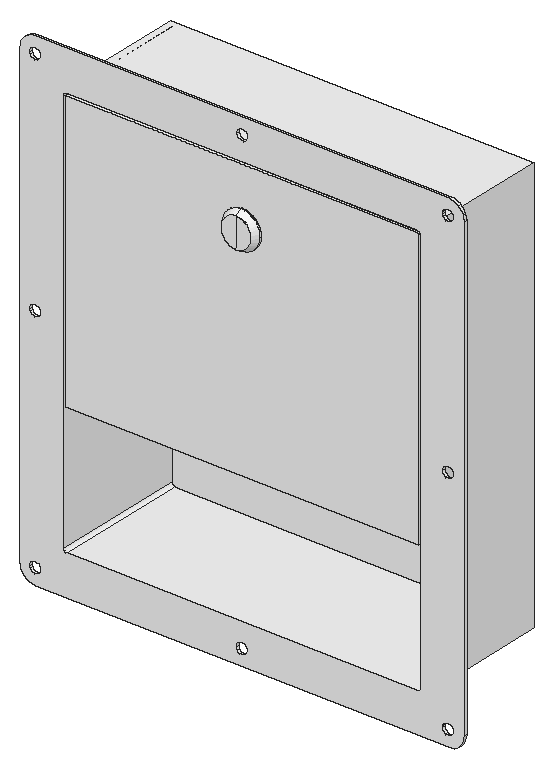
Revit family "KingswayGroup_PprTwlDspnsrs_Anti-LigaturePaperTowelDispenserRecessed", category Specialty Equipment, Revit 2020
Family settings
  Round Connector Dimension = Use Diameter
  Part Type = Normal
  Work Plane-Based = No
  Always vertical = Yes
  Cut with Voids When Loaded = No
  Shared = No
  Room Calculation Point = No
Parameters
  WarrantyStartDate [instance] = "1900-12-31T23:59:59"
  WarrantyGuarantorParts = "sales@kingswaygroup.co.uk"
  WarrantyGuarantorLabor = "n/a"
  WarrantyDurationUnit = "year"
  WarrantyDurationParts = "5"
  WarrantyDurationLabor = "n/a"
  WarrantyDescription = "5-Year Guarantee *For faulty manufacture and not for damage"
  Version = "1"
  Uniclass2015Version = "Products v1.36"
  Uniclass2015Title = "Paper towel dispensers"
  Uniclass2015Code = "Pr_40_70_22_62"
  URL = "https://kingswaygroupglobal.com/"
  TagNumber [instance] = "n/a"
  SustainabilityPerformance = "n/a"
  Size = "355.6 x 393.7 x 116 mm"
  Shape = "n/a"
  SerialNumber [instance] = "n/a"
  Revision = "n/a"
  ReplacementCost = "n/a"
  ProductInformation = "https://kingswaygroupglobal.com/product/anti-ligature-paper-towel-dispenser-recessed?noredirect=true"
  NominalWidth = 116 mm  # constant formula
  NominalLength = 355.6 mm  # constant formula
  NominalHeight = 393.7 mm  # constant formula
  Name = "PaperTowelDispensers_Anti-LigaturePaperTowelDispenserRecessed_KG11_KingswayGroup"
  ModelReference = "Anti-Ligature Paper Towel Dispenser (Recessed)"
  ModelNumber = "KG11"
  Model = ModelNumber  # "KG11"
  DispenserMaterial = NBS_Concept
  Material = "Stainless Steel"
  ManufacturerURL = "https://kingswaygroupglobal.com/"
  ManufacturerName = "Kingsway Group"  # constant formula
  Manufacturer = ManufacturerName  # "Kingsway Group"
  InstallationDate [instance] = "1900-12-31T23:59:59"
  IfcExportType = "n/a"  # constant formula
  IfcExportAs = "n/a"  # constant formula
  Grade = "316"
  Finish = "For full range of available finishes and colours, contact Kingsway Group"
  Features = "A secure-locking paper towel dispenser manufactured from stainless steel for a durable and anti-ligature means of dispensing paper towels. Recessed and well styled, the KG11 Anti-Ligature Paper Towel Dispenser provides a modern and robust solution for challenging environments, helping to reduce risk and improve patient safety."
  ExpectedLife = "n/a"
  DurationUnit = "year"
  Description = "Recessed Paper Towel Dispensers"
  Default Elevation = 0 mm
  Constituents = "n/a"
  Color = "For full range of available finishes and colours, contact Kingsway Group"
  CodePerformance = "n/a"
  Category = "Pr_40_70_22_62:Paper towel dispensers"
  BarCode [instance] = "n/a"
  BIMObjectName = "KingswayGroup_PaperTowelDispensers_Anti-LigaturePaperTowelDispenserRecessed"
  Author = "Kingsway Group"  # constant formula
  AssetType = "Fixed"
  AssetIdentifier [instance] = "n/a"
  AccessibilityPerformance = "n/a"
Reference planes
  plane 1 "Center (Front/Back)": y = 0
  plane 2: z = 0
  plane 3 "Center (Left/Right)": x = 0
Forms (mm)
  Extrusion 1, solid, material "NBS_Concept" <- "DispenserMaterial"
    sketch origin (0, 0, 0) x (1, 0, 0) y (0, 0, 1)
      loop
        arc (-177.8, 12.691) -> (-174.083, 3.717) -> (-165.109, 0) r 12.691
        line (-165.109, 0) -> (165.109, 0)
        arc (165.109, 0) -> (174.083, 3.717) -> (177.8, 12.691) r 12.691
        line (177.8, 12.691) -> (177.8, 381.006)
        arc (177.8, 381.006) -> (174.082, 389.982) -> (165.106, 393.7) r 12.694
        line (165.106, 393.7) -> (-165.106, 393.7)
        arc (-165.106, 393.7) -> (-174.082, 389.982) -> (-177.8, 381.006) r 12.694
        line (-177.8, 381.006) -> (-177.8, 12.691)
      loop
        circle (-165.3, 196.85) r 4.5
      loop
        circle (164.912, 196.85) r 4.5
      loop
        circle (-165.3, 381) r 4.5
      loop
        circle (164.909, 381) r 4.5
      loop
        circle (0.194, 381) r 4.5
      loop
        circle (-165.3, 12.7) r 4.5
      loop
        circle (164.909, 12.7) r 4.5
      loop
        circle (-0.191, 12.7) r 4.5
    from 0 to 1.9
  Revolve 2, solid, material "NBS_Concept" <- "DispenserMaterial"
    sketch origin (0, 105.535, 264.219) x (0, 1, 0) y (0, 0, 1)
      loop
        line (-107.435, 64.103) -> (-108.329, 64.103) -> (-113.435, 61.035) -> (-113.435, 49.103) -> (-107.435, 49.103) -> (-107.435, 64.103)
      axis (-107.435, 49.103) -> (-113.435, 49.103)
    angle from 0 to 360
  Extrusion 3, solid, material "NBS_Concept" <- "DispenserMaterial"
    sketch origin (0, 108.1, 0) x (1, 0, 0) y (0, 0, 1)
      loop
        line (-145, 363.75) -> (-145, 29.95) -> (145, 29.95) -> (145, 363.75) -> (-145, 363.75)
    from 0 to 108.1
  Extrusion 4, void
    sketch origin (0, 0, 0) x (1, 0, 0) y (0, 0, 1)
      loop
        arc (-140.1, 361.85) -> (-142.221, 360.971) -> (-143.1, 358.85) r 3
        line (-143.1, 358.85) -> (-143.1, 34.85)
        arc (-143.1, 34.85) -> (-142.221, 32.729) -> (-140.1, 31.85) r 3
        line (-140.1, 31.85) -> (140.1, 31.85)
        arc (140.1, 31.85) -> (142.221, 32.729) -> (143.1, 34.85) r 3
        line (143.1, 34.85) -> (143.1, 358.85)
        arc (143.1, 358.85) -> (142.221, 360.971) -> (140.1, 361.85) r 3
        line (140.1, 361.85) -> (-140.1, 361.85)
    from -106.2 to 1.901
  Extrusion 5, solid, material "NBS_Concept" <- "DispenserMaterial"
    sketch origin (0, 0, 0) x (1, 0, 0) y (0, 0, 1)
      loop
        arc (-140.1, 359.95) -> (-140.877, 359.628) -> (-141.2, 358.85) r 1.1
        line (-141.2, 358.85) -> (-141.2, 136.35) -> (141.2, 136.35) -> (141.2, 358.85)
        arc (141.2, 358.85) -> (140.877, 359.628) -> (140.1, 359.95) r 1.1
        line (140.1, 359.95) -> (-140.1, 359.95)
    from 0 to 1.9
  Extrusion 6, solid, material "NBS_Concept" <- "DispenserMaterial"
    sketch origin (-141.2, 0, 0) x (0, 1, 0) y (0, 0, 1)
      loop
        line (0, 166.607) -> (0, 136.35) -> (35.6, 136.351)
        arc (35.6, 136.351) -> (37.891, 138.039) -> (36.96, 140.728) r 2.4
        line (36.96, 140.728) -> (0, 166.607)
      loop
        line (104.2, 171.759) -> (63.762, 143.445)
        arc (63.762, 143.445) -> (62.28, 139.077) -> (65.999, 136.35) r 3.9
        line (65.999, 136.35) -> (104.2, 136.35) -> (104.2, 171.759)
    from 0 to 1.5
  Extrusion 7, solid, material "NBS_Concept" <- "DispenserMaterial"
    sketch origin (139.7, 0, 0) x (0, 1, 0) y (0, 0, 1)
      loop
        line (0, 166.607) -> (0, 136.35) -> (35.6, 136.351)
        arc (35.6, 136.351) -> (37.891, 138.039) -> (36.96, 140.728) r 2.4
        line (36.96, 140.728) -> (0, 166.607)
      loop
        line (104.2, 171.759) -> (63.762, 143.445)
        arc (63.762, 143.445) -> (62.28, 139.077) -> (65.999, 136.35) r 3.9
        line (65.999, 136.35) -> (104.2, 136.35) -> (104.2, 171.759)
    from 0 to 1.5
  Extrusion 8, solid, material "NBS_Concept" <- "DispenserMaterial"
    sketch origin (-141.2, 0, 0) x (0, 1, 0) y (0, 0, 1)
      loop
        line (0, 136.35) -> (35.6, 136.35)
        arc (35.6, 136.35) -> (36.35, 137.1) -> (35.6, 137.85) r 0.75
        line (35.6, 137.85) -> (0, 137.85) -> (0, 136.35)
      loop
        line (104.2, 137.85) -> (65.742, 137.85)
        arc (65.742, 137.85) -> (64.992, 137.1) -> (65.742, 136.35) r 0.75
        line (65.742, 136.35) -> (104.2, 136.35) -> (104.2, 137.85)
    from 0 to 282.399
Cuts and joins
  Extrusion 4 cuts Extrusion 1
  Extrusion 4 cuts Extrusion 3
  joined: Extrusion 1, Extrusion 3
  Extrusion 4 cuts Revolve 2
Lines and regions (mm)
  model lines, not visible
    curve 1: arc (16.215, -108.048, 265.753) -> (17.404, -108.048, 265.533) -> (18.352, -108.048, 266.283) r 1.463
    curve 2: arc (18.352, -108.048, 267.697) -> (17.346, -108.048, 268.4) -> (16.15, -108.048, 268.123) r 1.51
    curve 3: arc (16.15, -108.048, 268.123) -> (15.626, -108.048, 266.923) -> (16.215, -108.048, 265.753) r 1.54
    curve 4: arc (15.178, -108.048, 266.958) -> (15.376, -108.048, 266.079) -> (15.958, -108.048, 265.391) r 1.894
    curve 5: arc (17.05, -108.048, 265.046) -> (17.782, -108.048, 265.2) -> (18.368, -108.048, 265.664) r 1.629
    curve 6: arc (6.967, -108.048, 268.87) -> (6.12, -108.048, 268.597) -> (5.722, -108.048, 267.802) r 1.15
    curve 7: arc (7.023, -108.048, 265.046) -> (7.896, -108.048, 265.321) -> (8.293, -108.048, 266.146) r 1.152
    curve 8: arc (6.991, -108.048, 265.48) -> (7.544, -108.048, 265.629) -> (7.835, -108.048, 266.122) r 0.759
    curve 9: arc (10.197, -108.048, 260.701) -> (9.002, -108.048, 260.977) -> (7.995, -108.048, 260.275) r 1.511
    curve 10: arc (7.995, -108.048, 258.861) -> (8.944, -108.048, 258.112) -> (10.133, -108.048, 258.331) r 1.464
    curve 11: arc (10.133, -108.048, 258.331) -> (10.722, -108.048, 259.501) -> (10.197, -108.048, 260.701) r 1.54
    curve 12: arc (11.169, -108.048, 259.536) -> (10.994, -108.048, 260.363) -> (10.486, -108.048, 261.039) r 1.96
    curve 13: arc (10.39, -108.048, 257.969) -> (10.974, -108.048, 258.656) -> (11.169, -108.048, 259.536) r 1.873
    curve 14: arc (7.995, -108.048, 258.226) -> (8.575, -108.048, 257.772) -> (9.297, -108.048, 257.624) r 1.607
    curve 15: arc (3.36, -108.048, 259.488) -> (3.387, -108.048, 258.997) -> (3.568, -108.048, 258.54) r 1.527
    curve 16: arc (3.568, -108.048, 258.54) -> (3.969, -108.048, 258.182) -> (4.493, -108.048, 258.058) r 1.095
    curve 17: arc (4.493, -108.048, 258.058) -> (5.207, -108.048, 258.273) -> (5.714, -108.048, 258.821) r 1.419
    curve 18: arc (4.493, -108.048, 257.624) -> (5.176, -108.048, 257.774) -> (5.73, -108.048, 258.202) r 1.594
    curve 19: arc (3.119, -108.048, 258.379) -> (3.702, -108.048, 257.812) -> (4.493, -108.048, 257.624) r 1.533
    curve 20: arc (0.049, -108.048, 258.058) -> (1.499, -108.048, 259.536) -> (0.049, -108.048, 261.014) r 1.479
    curve 21: arc (0.049, -108.048, 261.014) -> (-1.4, -108.048, 259.536) -> (0.049, -108.048, 258.058) r 1.479
    curve 22: arc (0.049, -108.048, 261.449) -> (-1.855, -108.048, 259.536) -> (0.049, -108.048, 257.624) r 1.912
    curve 23: arc (0.049, -108.048, 257.624) -> (1.954, -108.048, 259.536) -> (0.049, -108.048, 261.449) r 1.912
    curve 24: arc (-2.594, -108.048, 261.449) -> (-3.241, -108.048, 261.309) -> (-3.751, -108.048, 260.886) r 1.392
    curve 25: arc (-2.602, -108.048, 261.014) -> (-3.299, -108.048, 260.782) -> (-3.751, -108.048, 260.203) r 1.269
    curve 26: arc (-4.948, -108.048, 270.469) -> (-5.352, -108.048, 270.064) -> (-4.948, -108.048, 269.658) r 0.406
    curve 27: arc (-4.948, -108.048, 269.658) -> (-4.539, -108.048, 270.064) -> (-4.948, -108.048, 270.469) r 0.406
    curve 28: arc (-1.622, -108.048, 268.437) -> (-2.36, -108.048, 268.227) -> (-2.892, -108.048, 267.673) r 1.465
    curve 29: arc (-0.666, -108.048, 267.946) -> (-1.082, -108.048, 268.311) -> (-1.622, -108.048, 268.437) r 1.142
    curve 30: arc (-0.457, -108.048, 267.046) -> (-0.485, -108.048, 267.514) -> (-0.666, -108.048, 267.946) r 1.41
    curve 31: arc (0.001, -108.048, 267.078) -> (-0.055, -108.048, 267.692) -> (-0.312, -108.048, 268.252) r 1.835
    curve 32: arc (-0.312, -108.048, 268.252) -> (-0.888, -108.048, 268.719) -> (-1.614, -108.048, 268.87) r 1.574
    curve 33: arc (0.965, -108.048, 266.958) -> (1.163, -108.048, 266.079) -> (1.745, -108.048, 265.391) r 1.894
    curve 34: arc (2.838, -108.048, 265.046) -> (3.558, -108.048, 265.196) -> (4.139, -108.048, 265.648) r 1.629
    curve 35: arc (2.813, -108.048, 263.551) -> (3.495, -108.048, 263.693) -> (3.995, -108.048, 264.178) r 1.246
    curve 36: arc (1.503, -108.048, 264.258) -> (2.064, -108.048, 263.73) -> (2.813, -108.048, 263.551) r 1.499
    curve 37: arc (1.142, -108.048, 263.993) -> (1.861, -108.048, 263.341) -> (2.805, -108.048, 263.117) r 1.95
    curve 38: arc (2.805, -108.048, 263.117) -> (3.723, -108.048, 263.308) -> (4.396, -108.048, 263.961) r 1.681
    curve 39: arc (-9.994, -108.048, 260.516) -> (-9.32, -108.048, 258.79) -> (-7.608, -108.048, 258.082) r 2.361
    curve 40: arc (-7.656, -108.048, 262.951) -> (-9.341, -108.048, 262.229) -> (-9.994, -108.048, 260.516) r 2.35
    curve 41: arc (-7.656, -108.048, 263.409) -> (-9.678, -108.048, 262.56) -> (-10.476, -108.048, 260.516) r 2.813
    curve 42: arc (-10.476, -108.048, 260.516) -> (-9.652, -108.048, 258.448) -> (-7.584, -108.048, 257.624) r 2.817
    curve 43: arc (-7.584, -108.048, 257.624) -> (-6.381, -108.048, 257.901) -> (-5.414, -108.048, 258.668) r 2.799
    curve 44: arc (2.002, -108.048, 265.753) -> (3.191, -108.048, 265.533) -> (4.139, -108.048, 266.283) r 1.464
    curve 45: arc (4.139, -108.048, 267.697) -> (3.133, -108.048, 268.402) -> (1.938, -108.048, 268.123) r 1.505
    curve 46: arc (1.938, -108.048, 268.123) -> (1.413, -108.048, 266.923) -> (2.002, -108.048, 265.753) r 1.54
    curve 47: line (-21.343, -108.048, 258.387) -> (-25.268, -108.048, 258.387)
    curve 48: line (-25.268, -108.048, 258.387) -> (-25.268, -108.048, 257.781)
    curve 49: line (-25.268, -108.048, 257.781) -> (-21.343, -108.048, 257.781)
    curve 50: line (-21.343, -108.048, 257.781) -> (-21.343, -108.048, 258.387)
    curve 51: line (-18.274, -108.048, 257.76) -> (-20.415, -108.048, 260.48)
    curve 52: line (-20.415, -108.048, 260.48) -> (-25.268, -108.048, 260.48)
    curve 53: line (-25.268, -108.048, 260.48) -> (-25.268, -108.048, 259.875)
    curve 54: line (-25.268, -108.048, 259.875) -> (-20.709, -108.048, 259.875)
    curve 55: line (-20.709, -108.048, 259.875) -> (-19.045, -108.048, 257.76)
    curve 56: line (-19.045, -108.048, 257.76) -> (-18.274, -108.048, 257.76)
    curve 57: line (-21.343, -108.048, 270.94) -> (-25.268, -108.048, 270.94)
    curve 58: line (-25.268, -108.048, 270.94) -> (-25.268, -108.048, 270.334)
    curve 59: line (-25.268, -108.048, 270.334) -> (-21.343, -108.048, 270.334)
    curve 60: line (-21.343, -108.048, 270.334) -> (-21.343, -108.048, 270.94)
    curve 61: line (-25.268, -108.048, 266.752) -> (-25.268, -108.048, 266.147)
    curve 62: line (-25.268, -108.048, 266.147) -> (-19.332, -108.048, 266.147)
    curve 63: line (-19.332, -108.048, 266.147) -> (-15.543, -108.048, 270.96)
    curve 64: line (-15.543, -108.048, 270.96) -> (-16.314, -108.048, 270.96)
    curve 65: line (-16.314, -108.048, 270.96) -> (-19.626, -108.048, 266.752)
    curve 66: line (-19.626, -108.048, 266.752) -> (-25.268, -108.048, 266.752)
    curve 67: line (-25.268, -108.048, 262.574) -> (-25.268, -108.048, 261.968)
    curve 68: line (-25.268, -108.048, 261.968) -> (-19.626, -108.048, 261.968)
    curve 69: line (-19.626, -108.048, 261.968) -> (-16.314, -108.048, 257.76)
    curve 70: line (-16.314, -108.048, 257.76) -> (-15.543, -108.048, 257.76)
    curve 71: line (-15.543, -108.048, 257.76) -> (-19.332, -108.048, 262.574)
    curve 72: line (-19.332, -108.048, 262.574) -> (-25.268, -108.048, 262.574)
    curve 73: line (-25.268, -108.048, 268.846) -> (-25.268, -108.048, 268.24)
    curve 74: line (-25.268, -108.048, 268.24) -> (-20.415, -108.048, 268.24)
    curve 75: line (-20.415, -108.048, 268.24) -> (-18.274, -108.048, 270.96)
    curve 76: line (-18.274, -108.048, 270.96) -> (-19.045, -108.048, 270.96)
    curve 77: line (-19.045, -108.048, 270.96) -> (-20.709, -108.048, 268.846)
    curve 78: line (-20.709, -108.048, 268.846) -> (-25.268, -108.048, 268.846)
    curve 79: line (18.352, -108.048, 266.283) -> (18.352, -108.048, 267.697)
    curve 80: line (18.368, -108.048, 265.664) -> (18.368, -108.048, 265.126)
    curve 81: line (18.368, -108.048, 265.126) -> (18.81, -108.048, 265.126)
    curve 82: line (18.81, -108.048, 265.126) -> (18.81, -108.048, 268.79)
    curve 83: line (18.81, -108.048, 268.79) -> (18.368, -108.048, 268.79)
    curve 84: line (18.368, -108.048, 268.79) -> (18.368, -108.048, 268.284)
    curve 85: line (18.368, -108.048, 268.284) -> (17.69, -108.048, 268.75)
    curve 86: line (17.69, -108.048, 268.75) -> (17.026, -108.048, 268.87)
    curve 87: line (17.026, -108.048, 268.87) -> (16.322, -108.048, 268.732)
    curve 88: line (16.322, -108.048, 268.732) -> (15.861, -108.048, 268.46)
    curve 89: line (15.861, -108.048, 268.46) -> (15.323, -108.048, 267.712)
    curve 90: line (15.323, -108.048, 267.712) -> (15.178, -108.048, 266.958)
    curve 91: line (15.958, -108.048, 265.391) -> (16.576, -108.048, 265.104)
    curve 92: line (16.576, -108.048, 265.104) -> (17.05, -108.048, 265.046)
    curve 93: line (10.566, -108.048, 265.126) -> (11.756, -108.048, 268.043)
    curve 94: line (11.756, -108.048, 268.043) -> (12.945, -108.048, 265.126)
    curve 95: line (12.945, -108.048, 265.126) -> (13.242, -108.048, 265.126)
    curve 96: line (13.242, -108.048, 265.126) -> (14.656, -108.048, 268.79)
    curve 97: line (14.656, -108.048, 268.79) -> (14.182, -108.048, 268.79)
    curve 98: line (14.182, -108.048, 268.79) -> (13.074, -108.048, 265.913)
    curve 99: line (13.074, -108.048, 265.913) -> (11.9, -108.048, 268.79)
    curve 100: line (11.9, -108.048, 268.79) -> (11.611, -108.048, 268.79)
    curve 101: line (11.611, -108.048, 268.79) -> (10.438, -108.048, 265.913)
    curve 102: line (10.438, -108.048, 265.913) -> (9.329, -108.048, 268.79)
    curve 103: line (9.329, -108.048, 268.79) -> (8.855, -108.048, 268.79)
    curve 104: line (8.855, -108.048, 268.79) -> (10.269, -108.048, 265.126)
    curve 105: line (10.269, -108.048, 265.126) -> (10.566, -108.048, 265.126)
    curve 106: line (5.722, -108.048, 267.802) -> (5.763, -108.048, 267.523)
    curve 107: line (5.763, -108.048, 267.523) -> (5.878, -108.048, 267.307)
    curve 108: line (5.878, -108.048, 267.307) -> (6.052, -108.048, 267.143)
    curve 109: line (6.052, -108.048, 267.143) -> (6.778, -108.048, 266.845)
    curve 110: line (6.778, -108.048, 266.845) -> (7.505, -108.048, 266.605)
    curve 111: line (7.505, -108.048, 266.605) -> (7.744, -108.048, 266.413)
    curve 112: line (7.811, -108.048, 266.282) -> (7.835, -108.048, 266.122)
    curve 113: line (8.293, -108.048, 266.146) -> (8.251, -108.048, 266.434)
    curve 114: line (8.251, -108.048, 266.434) -> (8.136, -108.048, 266.66)
    curve 115: line (8.136, -108.048, 266.66) -> (7.963, -108.048, 266.834)
    curve 116: line (7.963, -108.048, 266.834) -> (7.236, -108.048, 267.156)
    curve 117: line (7.236, -108.048, 267.156) -> (6.51, -108.048, 267.388)
    curve 118: line (6.51, -108.048, 267.388) -> (6.27, -108.048, 267.558)
    curve 119: line (6.179, -108.048, 267.81) -> (6.221, -108.048, 268.025)
    curve 120: line (6.221, -108.048, 268.025) -> (6.333, -108.048, 268.194)
    curve 121: line (6.333, -108.048, 268.194) -> (6.498, -108.048, 268.318)
    curve 122: line (6.498, -108.048, 268.318) -> (6.991, -108.048, 268.437)
    curve 123: line (6.991, -108.048, 268.437) -> (7.524, -108.048, 268.344)
    curve 124: line (7.524, -108.048, 268.344) -> (7.907, -108.048, 268.139)
    curve 125: line (7.907, -108.048, 268.139) -> (8.148, -108.048, 268.517)
    curve 126: line (8.148, -108.048, 268.517) -> (7.569, -108.048, 268.785)
    curve 127: line (7.569, -108.048, 268.785) -> (6.967, -108.048, 268.87)
    curve 128: line (6.991, -108.048, 265.48) -> (6.334, -108.048, 265.63)
    curve 129: line (6.334, -108.048, 265.63) -> (5.882, -108.048, 265.921)
    curve 130: line (5.882, -108.048, 265.921) -> (5.601, -108.048, 265.568)
    curve 131: line (5.601, -108.048, 265.568) -> (6.291, -108.048, 265.163)
    curve 132: line (6.291, -108.048, 265.163) -> (7.023, -108.048, 265.046)
    curve 133: line (-6.659, -108.048, 265.126) -> (-6.017, -108.048, 265.126)
    curve 134: line (-6.017, -108.048, 265.126) -> (-9.038, -108.048, 268.091)
    curve 135: line (-9.038, -108.048, 268.091) -> (-6.258, -108.048, 270.751)
    curve 136: line (-6.258, -108.048, 270.751) -> (-6.9, -108.048, 270.751)
    curve 137: line (-6.9, -108.048, 270.751) -> (-9.552, -108.048, 268.228)
    curve 138: line (-9.552, -108.048, 268.228) -> (-9.552, -108.048, 270.751)
    curve 139: line (-9.552, -108.048, 270.751) -> (-10.034, -108.048, 270.751)
    curve 140: line (-10.034, -108.048, 270.751) -> (-10.034, -108.048, 265.126)
    curve 141: line (-10.034, -108.048, 265.126) -> (-9.552, -108.048, 265.126)
    curve 142: line (-9.552, -108.048, 265.126) -> (-9.552, -108.048, 267.97)
    curve 143: line (-9.552, -108.048, 267.97) -> (-6.659, -108.048, 265.126)
    curve 144: line (7.995, -108.048, 260.275) -> (7.995, -108.048, 258.861)
    curve 145: line (9.297, -108.048, 257.624) -> (9.904, -108.048, 257.721)
    curve 146: line (9.904, -108.048, 257.721) -> (10.39, -108.048, 257.969)
    curve 147: line (10.486, -108.048, 261.039) -> (9.883, -108.048, 261.361)
    curve 148: line (9.883, -108.048, 261.361) -> (9.321, -108.048, 261.449)
    curve 149: line (9.321, -108.048, 261.449) -> (8.494, -108.048, 261.256)
    curve 150: line (8.494, -108.048, 261.256) -> (7.979, -108.048, 260.862)
    curve 151: line (7.979, -108.048, 260.862) -> (7.979, -108.048, 261.368)
    curve 152: line (7.979, -108.048, 261.368) -> (7.538, -108.048, 261.368)
    curve 153: line (7.538, -108.048, 261.368) -> (7.538, -108.048, 255.776)
    curve 154: line (7.538, -108.048, 255.776) -> (7.995, -108.048, 255.776)
    curve 155: line (7.995, -108.048, 255.776) -> (7.995, -108.048, 258.226)
    curve 156: line (-12.812, -108.048, 270.96) -> (-13.582, -108.048, 270.96)
    curve 157: line (-13.582, -108.048, 270.96) -> (-18.543, -108.048, 264.658)
    curve 158: line (-18.543, -108.048, 264.658) -> (-25.268, -108.048, 264.658)
    curve 159: line (-25.268, -108.048, 264.658) -> (-25.268, -108.048, 264.053)
    curve 160: line (-25.268, -108.048, 264.053) -> (-18.543, -108.048, 264.053)
    curve 161: line (-18.543, -108.048, 264.053) -> (-13.59, -108.048, 257.76)
    curve 162: line (-13.59, -108.048, 257.76) -> (-12.819, -108.048, 257.76)
    curve 163: line (-12.819, -108.048, 257.76) -> (-18.011, -108.048, 264.356)
    curve 164: line (-18.011, -108.048, 264.356) -> (-12.812, -108.048, 270.96)
    curve 165: line (3.36, -108.048, 259.488) -> (3.36, -108.048, 261.368)
    curve 166: line (3.36, -108.048, 261.368) -> (2.902, -108.048, 261.368)
    curve 167: line (2.902, -108.048, 261.368) -> (2.902, -108.048, 259.416)
    curve 168: line (2.902, -108.048, 259.416) -> (2.973, -108.048, 258.748)
    curve 169: line (2.973, -108.048, 258.748) -> (3.119, -108.048, 258.379)
    curve 170: line (5.73, -108.048, 258.202) -> (5.73, -108.048, 257.704)
    curve 171: line (5.73, -108.048, 257.704) -> (6.172, -108.048, 257.704)
    curve 172: line (6.172, -108.048, 257.704) -> (6.172, -108.048, 261.368)
    curve 173: line (6.172, -108.048, 261.368) -> (5.714, -108.048, 261.368)
    curve 174: line (5.714, -108.048, 261.368) -> (5.714, -108.048, 258.821)
    curve 175: line (-3.751, -108.048, 260.886) -> (-3.751, -108.048, 261.368)
    curve 176: line (-3.751, -108.048, 261.368) -> (-4.209, -108.048, 261.368)
    curve 177: line (-4.209, -108.048, 261.368) -> (-4.209, -108.048, 257.704)
    curve 178: line (-4.209, -108.048, 257.704) -> (-3.751, -108.048, 257.704)
    curve 179: line (-3.751, -108.048, 257.704) -> (-3.751, -108.048, 260.203)
    curve 180: line (-2.385, -108.048, 261.007) -> (-2.602, -108.048, 261.014)
    curve 181: line (-2.602, -108.048, 261.014) -> (-2.385, -108.048, 261.007)
    curve 182: line (-2.385, -108.048, 261.007) -> (-2.321, -108.048, 261.433)
    curve 183: line (20.264, -108.048, 263.198) -> (20.746, -108.048, 263.198)
    curve 184: line (20.746, -108.048, 263.198) -> (23.285, -108.048, 268.79)
    curve 185: line (23.285, -108.048, 268.79) -> (22.795, -108.048, 268.79)
    curve 186: line (22.795, -108.048, 268.79) -> (21.502, -108.048, 265.946)
    curve 187: line (21.502, -108.048, 265.946) -> (20.127, -108.048, 268.79)
    curve 188: line (20.127, -108.048, 268.79) -> (19.613, -108.048, 268.79)
    curve 189: line (19.613, -108.048, 268.79) -> (21.269, -108.048, 265.423)
    curve 190: line (21.269, -108.048, 265.423) -> (20.264, -108.048, 263.198)
    curve 191: line (-0.457, -108.048, 267.046) -> (-0.457, -108.048, 265.126)
    curve 192: line (-0.457, -108.048, 265.126) -> (0.001, -108.048, 265.126)
    curve 193: line (0.001, -108.048, 265.126) -> (0.001, -108.048, 267.078)
    curve 194: line (-1.614, -108.048, 268.87) -> (-2.421, -108.048, 268.683)
    curve 195: line (-2.421, -108.048, 268.683) -> (-2.908, -108.048, 268.276)
    curve 196: line (-2.908, -108.048, 268.276) -> (-2.908, -108.048, 268.79)
    curve 197: line (-2.908, -108.048, 268.79) -> (-3.35, -108.048, 268.79)
    curve 198: line (-3.35, -108.048, 268.79) -> (-3.35, -108.048, 265.126)
    curve 199: line (-3.35, -108.048, 265.126) -> (-2.892, -108.048, 265.126)
    curve 200: line (-2.892, -108.048, 265.126) -> (-2.892, -108.048, 267.673)
    curve 201: line (1.745, -108.048, 265.391) -> (2.364, -108.048, 265.104)
    curve 202: line (2.364, -108.048, 265.104) -> (2.838, -108.048, 265.046)
    curve 203: line (4.139, -108.048, 265.648) -> (4.139, -108.048, 265.126)
    curve 204: line (4.139, -108.048, 265.126) -> (4.1, -108.048, 264.511)
    curve 205: line (4.1, -108.048, 264.511) -> (3.995, -108.048, 264.178)
    curve 206: line (1.503, -108.048, 264.258) -> (1.142, -108.048, 263.993)
    curve 207: line (4.396, -108.048, 263.961) -> (4.564, -108.048, 264.528)
    curve 208: line (4.564, -108.048, 264.528) -> (4.597, -108.048, 265.142)
    curve 209: line (4.597, -108.048, 265.142) -> (4.597, -108.048, 268.79)
    curve 210: line (4.597, -108.048, 268.79) -> (4.155, -108.048, 268.79)
    curve 211: line (4.155, -108.048, 268.79) -> (4.155, -108.048, 268.284)
    curve 212: line (4.155, -108.048, 268.284) -> (3.476, -108.048, 268.75)
    curve 213: line (3.476, -108.048, 268.75) -> (2.813, -108.048, 268.87)
    curve 214: line (2.813, -108.048, 268.87) -> (2.109, -108.048, 268.732)
    curve 215: line (2.109, -108.048, 268.732) -> (1.648, -108.048, 268.46)
    curve 216: line (1.648, -108.048, 268.46) -> (1.11, -108.048, 267.712)
    curve 217: line (1.11, -108.048, 267.712) -> (0.965, -108.048, 266.958)
    curve 218: line (-5.414, -108.048, 258.668) -> (-5.414, -108.048, 261.039)
    curve 219: line (-5.414, -108.048, 261.039) -> (-7.744, -108.048, 261.039)
    curve 220: line (-7.744, -108.048, 261.039) -> (-7.744, -108.048, 260.581)
    curve 221: line (-7.744, -108.048, 260.581) -> (-5.896, -108.048, 260.581)
    curve 222: line (-5.896, -108.048, 260.581) -> (-5.896, -108.048, 258.789)
    curve 223: line (-5.896, -108.048, 258.789) -> (-6.756, -108.048, 258.233)
    curve 224: line (-6.756, -108.048, 258.233) -> (-7.608, -108.048, 258.082)
    curve 225: line (-7.656, -108.048, 262.951) -> (-6.582, -108.048, 262.7)
    curve 226: line (-6.582, -108.048, 262.7) -> (-5.944, -108.048, 262.22)
    curve 227: line (-5.944, -108.048, 262.22) -> (-5.615, -108.048, 262.549)
    curve 228: line (-5.615, -108.048, 262.549) -> (-6.645, -108.048, 263.231)
    curve 229: line (-6.645, -108.048, 263.231) -> (-7.656, -108.048, 263.409)
    curve 230: line (-4.715, -108.048, 265.126) -> (-4.715, -108.048, 268.79)
    curve 231: line (-4.715, -108.048, 268.79) -> (-5.173, -108.048, 268.79)
    curve 232: line (-5.173, -108.048, 268.79) -> (-5.173, -108.048, 265.126)
    curve 233: line (-5.173, -108.048, 265.126) -> (-4.715, -108.048, 265.126)
    curve 234: line (4.139, -108.048, 266.283) -> (4.139, -108.048, 267.697)
  model lines
    curve 235: arc (17.207, -1.9, 287.623) -> (18.396, -1.9, 287.403) -> (19.344, -1.9, 288.153) r 1.463
    curve 236: arc (19.344, -1.9, 289.567) -> (18.338, -1.9, 290.27) -> (17.142, -1.9, 289.993) r 1.51
    curve 237: arc (17.142, -1.9, 289.993) -> (16.618, -1.9, 288.793) -> (17.207, -1.9, 287.623) r 1.54
    curve 238: arc (16.17, -1.9, 288.828) -> (16.368, -1.9, 287.949) -> (16.95, -1.9, 287.261) r 1.894
    curve 239: arc (18.043, -1.9, 286.916) -> (18.774, -1.9, 287.07) -> (19.36, -1.9, 287.534) r 1.629
    curve 240: arc (7.959, -1.9, 290.74) -> (7.112, -1.9, 290.467) -> (6.714, -1.9, 289.672) r 1.15
    curve 241: arc (8.015, -1.9, 286.916) -> (8.888, -1.9, 287.191) -> (9.285, -1.9, 288.016) r 1.152
    curve 242: arc (7.983, -1.9, 287.35) -> (8.536, -1.9, 287.499) -> (8.827, -1.9, 287.992) r 0.759
    curve 243: arc (11.189, -1.9, 282.571) -> (9.994, -1.9, 282.847) -> (8.988, -1.9, 282.145) r 1.511
    curve 244: arc (8.988, -1.9, 280.731) -> (9.936, -1.9, 279.982) -> (11.125, -1.9, 280.201) r 1.464
    curve 245: arc (11.125, -1.9, 280.201) -> (11.714, -1.9, 281.371) -> (11.189, -1.9, 282.571) r 1.54
    curve 246: arc (12.161, -1.9, 281.406) -> (11.986, -1.9, 282.233) -> (11.478, -1.9, 282.909) r 1.96
    curve 247: arc (11.382, -1.9, 279.839) -> (11.966, -1.9, 280.526) -> (12.161, -1.9, 281.406) r 1.873
    curve 248: arc (8.988, -1.9, 280.096) -> (9.567, -1.9, 279.642) -> (10.289, -1.9, 279.494) r 1.607
    curve 249: arc (4.352, -1.9, 281.358) -> (4.379, -1.9, 280.867) -> (4.561, -1.9, 280.41) r 1.527
    curve 250: arc (4.561, -1.9, 280.41) -> (4.962, -1.9, 280.052) -> (5.485, -1.9, 279.928) r 1.095
    curve 251: arc (5.485, -1.9, 279.928) -> (6.199, -1.9, 280.143) -> (6.706, -1.9, 280.691) r 1.419
    curve 252: arc (5.485, -1.9, 279.494) -> (6.169, -1.9, 279.644) -> (6.722, -1.9, 280.072) r 1.594
    curve 253: arc (4.111, -1.9, 280.249) -> (4.694, -1.9, 279.682) -> (5.485, -1.9, 279.494) r 1.533
    curve 254: arc (1.041, -1.9, 279.928) -> (2.491, -1.9, 281.406) -> (1.041, -1.9, 282.885) r 1.479
    curve 255: arc (1.041, -1.9, 282.885) -> (-0.408, -1.9, 281.406) -> (1.041, -1.9, 279.928) r 1.479
    curve 256: arc (1.041, -1.9, 283.319) -> (-0.863, -1.9, 281.406) -> (1.041, -1.9, 279.494) r 1.912
    curve 257: arc (1.041, -1.9, 279.494) -> (2.946, -1.9, 281.406) -> (1.041, -1.9, 283.319) r 1.912
    curve 258: arc (-1.602, -1.9, 283.319) -> (-2.249, -1.9, 283.179) -> (-2.759, -1.9, 282.756) r 1.392
    curve 259: arc (-1.61, -1.9, 282.885) -> (-2.307, -1.9, 282.653) -> (-2.759, -1.9, 282.073) r 1.269
    curve 260: arc (-3.956, -1.9, 292.339) -> (-4.36, -1.9, 291.934) -> (-3.956, -1.9, 291.528) r 0.406
    curve 261: arc (-3.956, -1.9, 291.528) -> (-3.547, -1.9, 291.934) -> (-3.956, -1.9, 292.339) r 0.406
    curve 262: arc (-0.63, -1.9, 290.307) -> (-1.368, -1.9, 290.097) -> (-1.899, -1.9, 289.543) r 1.465
    curve 263: arc (0.327, -1.9, 289.816) -> (-0.09, -1.9, 290.181) -> (-0.63, -1.9, 290.307) r 1.142
    curve 264: arc (0.535, -1.9, 288.916) -> (0.507, -1.9, 289.384) -> (0.327, -1.9, 289.816) r 1.41
    curve 265: arc (0.993, -1.9, 288.948) -> (0.937, -1.9, 289.562) -> (0.68, -1.9, 290.122) r 1.835
    curve 266: arc (0.68, -1.9, 290.122) -> (0.104, -1.9, 290.589) -> (-0.622, -1.9, 290.74) r 1.574
    curve 267: arc (1.957, -1.9, 288.828) -> (2.155, -1.9, 287.949) -> (2.737, -1.9, 287.261) r 1.894
    curve 268: arc (3.83, -1.9, 286.916) -> (4.55, -1.9, 287.066) -> (5.131, -1.9, 287.518) r 1.629
    curve 269: arc (3.805, -1.9, 285.421) -> (4.487, -1.9, 285.563) -> (4.987, -1.9, 286.048) r 1.246
    curve 270: arc (2.496, -1.9, 286.128) -> (3.056, -1.9, 285.6) -> (3.805, -1.9, 285.421) r 1.499
    curve 271: arc (2.134, -1.9, 285.863) -> (2.853, -1.9, 285.212) -> (3.797, -1.9, 284.987) r 1.95
    curve 272: arc (3.797, -1.9, 284.987) -> (4.715, -1.9, 285.178) -> (5.388, -1.9, 285.831) r 1.681
    curve 273: arc (-9.002, -1.9, 282.386) -> (-8.328, -1.9, 280.66) -> (-6.616, -1.9, 279.952) r 2.361
    curve 274: arc (-6.664, -1.9, 284.821) -> (-8.349, -1.9, 284.099) -> (-9.002, -1.9, 282.386) r 2.35
    curve 275: arc (-6.664, -1.9, 285.279) -> (-8.686, -1.9, 284.43) -> (-9.484, -1.9, 282.386) r 2.813
    curve 276: arc (-9.484, -1.9, 282.386) -> (-8.66, -1.9, 280.318) -> (-6.591, -1.9, 279.494) r 2.817
    curve 277: arc (-6.591, -1.9, 279.494) -> (-5.389, -1.9, 279.771) -> (-4.422, -1.9, 280.539) r 2.799
    curve 278: arc (2.994, -1.9, 287.623) -> (4.183, -1.9, 287.403) -> (5.131, -1.9, 288.153) r 1.464
    curve 279: arc (5.131, -1.9, 289.567) -> (4.125, -1.9, 290.272) -> (2.93, -1.9, 289.993) r 1.505
    curve 280: arc (2.93, -1.9, 289.993) -> (2.405, -1.9, 288.793) -> (2.994, -1.9, 287.623) r 1.54
    curve 281: line (-20.351, -1.9, 280.257) -> (-24.276, -1.9, 280.257)
    curve 282: line (-24.276, -1.9, 280.257) -> (-24.276, -1.9, 279.651)
    curve 283: line (-24.276, -1.9, 279.651) -> (-20.351, -1.9, 279.651)
    curve 284: line (-20.351, -1.9, 279.651) -> (-20.351, -1.9, 280.257)
    curve 285: line (-17.282, -1.9, 279.63) -> (-19.423, -1.9, 282.35)
    curve 286: line (-19.423, -1.9, 282.35) -> (-24.276, -1.9, 282.35)
    curve 287: line (-24.276, -1.9, 282.35) -> (-24.276, -1.9, 281.745)
    curve 288: line (-24.276, -1.9, 281.745) -> (-19.717, -1.9, 281.745)
    curve 289: line (-19.717, -1.9, 281.745) -> (-18.053, -1.9, 279.63)
    curve 290: line (-18.053, -1.9, 279.63) -> (-17.282, -1.9, 279.63)
    curve 291: line (-20.351, -1.9, 292.81) -> (-24.276, -1.9, 292.81)
    curve 292: line (-24.276, -1.9, 292.81) -> (-24.276, -1.9, 292.204)
    curve 293: line (-24.276, -1.9, 292.204) -> (-20.351, -1.9, 292.204)
    curve 294: line (-20.351, -1.9, 292.204) -> (-20.351, -1.9, 292.81)
    curve 295: line (-24.276, -1.9, 288.622) -> (-24.276, -1.9, 288.017)
    curve 296: line (-24.276, -1.9, 288.017) -> (-18.34, -1.9, 288.017)
    curve 297: line (-18.34, -1.9, 288.017) -> (-14.551, -1.9, 292.83)
    curve 298: line (-14.551, -1.9, 292.83) -> (-15.321, -1.9, 292.83)
    curve 299: line (-15.321, -1.9, 292.83) -> (-18.634, -1.9, 288.622)
    curve 300: line (-18.634, -1.9, 288.622) -> (-24.276, -1.9, 288.622)
    curve 301: line (-24.276, -1.9, 284.444) -> (-24.276, -1.9, 283.839)
    curve 302: line (-24.276, -1.9, 283.839) -> (-18.634, -1.9, 283.839)
    curve 303: line (-18.634, -1.9, 283.839) -> (-15.321, -1.9, 279.63)
    curve 304: line (-15.321, -1.9, 279.63) -> (-14.551, -1.9, 279.63)
    curve 305: line (-14.551, -1.9, 279.63) -> (-18.34, -1.9, 284.444)
    curve 306: line (-18.34, -1.9, 284.444) -> (-24.276, -1.9, 284.444)
    curve 307: line (-24.276, -1.9, 290.716) -> (-24.276, -1.9, 290.11)
    curve 308: line (-24.276, -1.9, 290.11) -> (-19.423, -1.9, 290.11)
    curve 309: line (-19.423, -1.9, 290.11) -> (-17.282, -1.9, 292.83)
    curve 310: line (-17.282, -1.9, 292.83) -> (-18.053, -1.9, 292.83)
    curve 311: line (-18.053, -1.9, 292.83) -> (-19.717, -1.9, 290.716)
    curve 312: line (-19.717, -1.9, 290.716) -> (-24.276, -1.9, 290.716)
    curve 313: line (19.344, -1.9, 288.153) -> (19.344, -1.9, 289.567)
    curve 314: line (19.36, -1.9, 287.534) -> (19.36, -1.9, 286.996)
    curve 315: line (19.36, -1.9, 286.996) -> (19.802, -1.9, 286.996)
    curve 316: line (19.802, -1.9, 286.996) -> (19.802, -1.9, 290.66)
    curve 317: line (19.802, -1.9, 290.66) -> (19.36, -1.9, 290.66)
    curve 318: line (19.36, -1.9, 290.66) -> (19.36, -1.9, 290.154)
    curve 319: line (19.36, -1.9, 290.154) -> (18.682, -1.9, 290.62)
    curve 320: line (18.682, -1.9, 290.62) -> (18.018, -1.9, 290.74)
    curve 321: line (18.018, -1.9, 290.74) -> (17.314, -1.9, 290.602)
    curve 322: line (17.314, -1.9, 290.602) -> (16.853, -1.9, 290.331)
    curve 323: line (16.853, -1.9, 290.331) -> (16.315, -1.9, 289.582)
    curve 324: line (16.315, -1.9, 289.582) -> (16.17, -1.9, 288.828)
    curve 325: line (16.95, -1.9, 287.261) -> (17.568, -1.9, 286.974)
    curve 326: line (17.568, -1.9, 286.974) -> (18.043, -1.9, 286.916)
    curve 327: line (11.558, -1.9, 286.996) -> (12.748, -1.9, 289.913)
    curve 328: line (12.748, -1.9, 289.913) -> (13.937, -1.9, 286.996)
    curve 329: line (13.937, -1.9, 286.996) -> (14.234, -1.9, 286.996)
    curve 330: line (14.234, -1.9, 286.996) -> (15.648, -1.9, 290.66)
    curve 331: line (15.648, -1.9, 290.66) -> (15.174, -1.9, 290.66)
    curve 332: line (15.174, -1.9, 290.66) -> (14.066, -1.9, 287.783)
    curve 333: line (14.066, -1.9, 287.783) -> (12.892, -1.9, 290.66)
    curve 334: line (12.892, -1.9, 290.66) -> (12.603, -1.9, 290.66)
    curve 335: line (12.603, -1.9, 290.66) -> (11.43, -1.9, 287.783)
    curve 336: line (11.43, -1.9, 287.783) -> (10.321, -1.9, 290.66)
    curve 337: line (10.321, -1.9, 290.66) -> (9.847, -1.9, 290.66)
    curve 338: line (9.847, -1.9, 290.66) -> (11.261, -1.9, 286.996)
    curve 339: line (11.261, -1.9, 286.996) -> (11.558, -1.9, 286.996)
    curve 340: line (6.714, -1.9, 289.672) -> (6.755, -1.9, 289.393)
    curve 341: line (6.755, -1.9, 289.393) -> (6.87, -1.9, 289.177)
    curve 342: line (6.87, -1.9, 289.177) -> (7.044, -1.9, 289.013)
    curve 343: line (7.044, -1.9, 289.013) -> (7.77, -1.9, 288.715)
    curve 344: line (7.77, -1.9, 288.715) -> (8.497, -1.9, 288.475)
    curve 345: line (8.497, -1.9, 288.475) -> (8.736, -1.9, 288.283)
    curve 346: line (8.803, -1.9, 288.152) -> (8.827, -1.9, 287.992)
    curve 347: line (9.285, -1.9, 288.016) -> (9.243, -1.9, 288.304)
    curve 348: line (9.243, -1.9, 288.304) -> (9.128, -1.9, 288.53)
    curve 349: line (9.128, -1.9, 288.53) -> (8.955, -1.9, 288.705)
    curve 350: line (8.955, -1.9, 288.705) -> (8.228, -1.9, 289.026)
    curve 351: line (8.228, -1.9, 289.026) -> (7.502, -1.9, 289.258)
    curve 352: line (7.502, -1.9, 289.258) -> (7.262, -1.9, 289.428)
    curve 353: line (7.171, -1.9, 289.68) -> (7.213, -1.9, 289.895)
    curve 354: line (7.213, -1.9, 289.895) -> (7.325, -1.9, 290.064)
    curve 355: line (7.325, -1.9, 290.064) -> (7.49, -1.9, 290.188)
    curve 356: line (7.49, -1.9, 290.188) -> (7.983, -1.9, 290.307)
    curve 357: line (7.983, -1.9, 290.307) -> (8.516, -1.9, 290.214)
    curve 358: line (8.516, -1.9, 290.214) -> (8.899, -1.9, 290.009)
    curve 359: line (8.899, -1.9, 290.009) -> (9.14, -1.9, 290.387)
    curve 360: line (9.14, -1.9, 290.387) -> (8.561, -1.9, 290.655)
    curve 361: line (8.561, -1.9, 290.655) -> (7.959, -1.9, 290.74)
    curve 362: line (7.983, -1.9, 287.35) -> (7.326, -1.9, 287.5)
    curve 363: line (7.326, -1.9, 287.5) -> (6.874, -1.9, 287.791)
    curve 364: line (6.874, -1.9, 287.791) -> (6.593, -1.9, 287.438)
    curve 365: line (6.593, -1.9, 287.438) -> (7.283, -1.9, 287.033)
    curve 366: line (7.283, -1.9, 287.033) -> (8.015, -1.9, 286.916)
    curve 367: line (-5.667, -1.9, 286.996) -> (-5.025, -1.9, 286.996)
    curve 368: line (-5.025, -1.9, 286.996) -> (-8.046, -1.9, 289.961)
    curve 369: line (-8.046, -1.9, 289.961) -> (-5.266, -1.9, 292.621)
    curve 370: line (-5.266, -1.9, 292.621) -> (-5.908, -1.9, 292.621)
    curve 371: line (-5.908, -1.9, 292.621) -> (-8.56, -1.9, 290.098)
    curve 372: line (-8.56, -1.9, 290.098) -> (-8.56, -1.9, 292.621)
    curve 373: line (-8.56, -1.9, 292.621) -> (-9.042, -1.9, 292.621)
    curve 374: line (-9.042, -1.9, 292.621) -> (-9.042, -1.9, 286.996)
    curve 375: line (-9.042, -1.9, 286.996) -> (-8.56, -1.9, 286.996)
    curve 376: line (-8.56, -1.9, 286.996) -> (-8.56, -1.9, 289.84)
    curve 377: line (-8.56, -1.9, 289.84) -> (-5.667, -1.9, 286.996)
    curve 378: line (8.988, -1.9, 282.145) -> (8.988, -1.9, 280.731)
    curve 379: line (10.289, -1.9, 279.494) -> (10.896, -1.9, 279.591)
    curve 380: line (10.896, -1.9, 279.591) -> (11.382, -1.9, 279.839)
    curve 381: line (11.478, -1.9, 282.909) -> (10.875, -1.9, 283.231)
    curve 382: line (10.875, -1.9, 283.231) -> (10.313, -1.9, 283.319)
    curve 383: line (10.313, -1.9, 283.319) -> (9.486, -1.9, 283.126)
    curve 384: line (9.486, -1.9, 283.126) -> (8.972, -1.9, 282.732)
    curve 385: line (8.972, -1.9, 282.732) -> (8.972, -1.9, 283.238)
    curve 386: line (8.972, -1.9, 283.238) -> (8.53, -1.9, 283.238)
    curve 387: line (8.53, -1.9, 283.238) -> (8.53, -1.9, 277.646)
    curve 388: line (8.53, -1.9, 277.646) -> (8.988, -1.9, 277.646)
    curve 389: line (8.988, -1.9, 277.646) -> (8.988, -1.9, 280.096)
    curve 390: line (-11.82, -1.9, 292.83) -> (-12.59, -1.9, 292.83)
    curve 391: line (-12.59, -1.9, 292.83) -> (-17.551, -1.9, 286.528)
    curve 392: line (-17.551, -1.9, 286.528) -> (-24.276, -1.9, 286.528)
    curve 393: line (-24.276, -1.9, 286.528) -> (-24.276, -1.9, 285.923)
    curve 394: line (-24.276, -1.9, 285.923) -> (-17.551, -1.9, 285.923)
    curve 395: line (-17.551, -1.9, 285.923) -> (-12.598, -1.9, 279.63)
    curve 396: line (-12.598, -1.9, 279.63) -> (-11.827, -1.9, 279.63)
    curve 397: line (-11.827, -1.9, 279.63) -> (-17.019, -1.9, 286.226)
    curve 398: line (-17.019, -1.9, 286.226) -> (-11.82, -1.9, 292.83)
    curve 399: line (4.352, -1.9, 281.358) -> (4.352, -1.9, 283.238)
    curve 400: line (4.352, -1.9, 283.238) -> (3.894, -1.9, 283.238)
    curve 401: line (3.894, -1.9, 283.238) -> (3.894, -1.9, 281.286)
    curve 402: line (3.894, -1.9, 281.286) -> (3.965, -1.9, 280.618)
    curve 403: line (3.965, -1.9, 280.618) -> (4.111, -1.9, 280.249)
    curve 404: line (6.722, -1.9, 280.072) -> (6.722, -1.9, 279.574)
    curve 405: line (6.722, -1.9, 279.574) -> (7.164, -1.9, 279.574)
    curve 406: line (7.164, -1.9, 279.574) -> (7.164, -1.9, 283.238)
    curve 407: line (7.164, -1.9, 283.238) -> (6.706, -1.9, 283.238)
    curve 408: line (6.706, -1.9, 283.238) -> (6.706, -1.9, 280.691)
    curve 409: line (-2.759, -1.9, 282.756) -> (-2.759, -1.9, 283.238)
    curve 410: line (-2.759, -1.9, 283.238) -> (-3.217, -1.9, 283.238)
    curve 411: line (-3.217, -1.9, 283.238) -> (-3.217, -1.9, 279.574)
    curve 412: line (-3.217, -1.9, 279.574) -> (-2.759, -1.9, 279.574)
    curve 413: line (-2.759, -1.9, 279.574) -> (-2.759, -1.9, 282.073)
    curve 414: line (-1.393, -1.9, 282.877) -> (-1.61, -1.9, 282.885)
    curve 415: line (-1.61, -1.9, 282.885) -> (-1.393, -1.9, 282.877)
    curve 416: line (-1.393, -1.9, 282.877) -> (-1.329, -1.9, 283.303)
    curve 417: line (21.256, -1.9, 285.068) -> (21.738, -1.9, 285.068)
    curve 418: line (21.738, -1.9, 285.068) -> (24.277, -1.9, 290.66)
    curve 419: line (24.277, -1.9, 290.66) -> (23.787, -1.9, 290.66)
    curve 420: line (23.787, -1.9, 290.66) -> (22.494, -1.9, 287.816)
    curve 421: line (22.494, -1.9, 287.816) -> (21.119, -1.9, 290.66)
    curve 422: line (21.119, -1.9, 290.66) -> (20.605, -1.9, 290.66)
    curve 423: line (20.605, -1.9, 290.66) -> (22.261, -1.9, 287.293)
    curve 424: line (22.261, -1.9, 287.293) -> (21.256, -1.9, 285.068)
    curve 425: line (0.535, -1.9, 288.916) -> (0.535, -1.9, 286.996)
    curve 426: line (0.535, -1.9, 286.996) -> (0.993, -1.9, 286.996)
    curve 427: line (0.993, -1.9, 286.996) -> (0.993, -1.9, 288.948)
    curve 428: line (-0.622, -1.9, 290.74) -> (-1.429, -1.9, 290.553)
    curve 429: line (-1.429, -1.9, 290.553) -> (-1.915, -1.9, 290.146)
    curve 430: line (-1.915, -1.9, 290.146) -> (-1.915, -1.9, 290.66)
    curve 431: line (-1.915, -1.9, 290.66) -> (-2.358, -1.9, 290.66)
    curve 432: line (-2.358, -1.9, 290.66) -> (-2.358, -1.9, 286.996)
    curve 433: line (-2.358, -1.9, 286.996) -> (-1.899, -1.9, 286.996)
    curve 434: line (-1.899, -1.9, 286.996) -> (-1.899, -1.9, 289.543)
    curve 435: line (2.737, -1.9, 287.261) -> (3.356, -1.9, 286.974)
    curve 436: line (3.356, -1.9, 286.974) -> (3.83, -1.9, 286.916)
    curve 437: line (5.131, -1.9, 287.518) -> (5.131, -1.9, 286.996)
    curve 438: line (5.131, -1.9, 286.996) -> (5.092, -1.9, 286.381)
    curve 439: line (5.092, -1.9, 286.381) -> (4.987, -1.9, 286.048)
    curve 440: line (2.496, -1.9, 286.128) -> (2.134, -1.9, 285.863)
    curve 441: line (5.388, -1.9, 285.831) -> (5.556, -1.9, 286.398)
    curve 442: line (5.556, -1.9, 286.398) -> (5.589, -1.9, 287.012)
    curve 443: line (5.589, -1.9, 287.012) -> (5.589, -1.9, 290.66)
    curve 444: line (5.589, -1.9, 290.66) -> (5.147, -1.9, 290.66)
    curve 445: line (5.147, -1.9, 290.66) -> (5.147, -1.9, 290.154)
    curve 446: line (5.147, -1.9, 290.154) -> (4.468, -1.9, 290.62)
    curve 447: line (4.468, -1.9, 290.62) -> (3.805, -1.9, 290.74)
    curve 448: line (3.805, -1.9, 290.74) -> (3.101, -1.9, 290.602)
    curve 449: line (3.101, -1.9, 290.602) -> (2.64, -1.9, 290.331)
    curve 450: line (2.64, -1.9, 290.331) -> (2.102, -1.9, 289.582)
    curve 451: line (2.102, -1.9, 289.582) -> (1.957, -1.9, 288.828)
    curve 452: line (-4.422, -1.9, 280.539) -> (-4.422, -1.9, 282.909)
    curve 453: line (-4.422, -1.9, 282.909) -> (-6.752, -1.9, 282.909)
    curve 454: line (-6.752, -1.9, 282.909) -> (-6.752, -1.9, 282.451)
    curve 455: line (-6.752, -1.9, 282.451) -> (-4.904, -1.9, 282.451)
    curve 456: line (-4.904, -1.9, 282.451) -> (-4.904, -1.9, 280.659)
    curve 457: line (-4.904, -1.9, 280.659) -> (-5.763, -1.9, 280.103)
    curve 458: line (-5.763, -1.9, 280.103) -> (-6.616, -1.9, 279.952)
    curve 459: line (-6.664, -1.9, 284.821) -> (-5.59, -1.9, 284.57)
    curve 460: line (-5.59, -1.9, 284.57) -> (-4.952, -1.9, 284.09)
    curve 461: line (-4.952, -1.9, 284.09) -> (-4.623, -1.9, 284.419)
    curve 462: line (-4.623, -1.9, 284.419) -> (-5.653, -1.9, 285.101)
    curve 463: line (-5.653, -1.9, 285.101) -> (-6.664, -1.9, 285.279)
    curve 464: line (-3.723, -1.9, 286.996) -> (-3.723, -1.9, 290.66)
    curve 465: line (-3.723, -1.9, 290.66) -> (-4.181, -1.9, 290.66)
    curve 466: line (-4.181, -1.9, 290.66) -> (-4.181, -1.9, 286.996)
    curve 467: line (-4.181, -1.9, 286.996) -> (-3.723, -1.9, 286.996)
    curve 468: line (5.131, -1.9, 288.153) -> (5.131, -1.9, 289.567)
Dimensions and locks
  cut or joined group of Extrusion 1, Extrusion 3, Extrusion 4 to level = 393.7 mm
  Extrusion 1 to Extrusion 1 = 355.6 mm
  Revolve 2 sketch curve to Revolve 2 sketch curve = 6 mm
  Extrusion 1 sketch curve to Extrusion 1 sketch curve = 393.7 mm
  Extrusion 1 sketch curve to Extrusion 1 sketch curve = 355.6 mm
  locked: Extrusion 3 sketch curve to Extrusion 3 sketch curve at 333.8
  Extrusion 3 sketch curve to Extrusion 3 sketch curve = 289.999 mm
  cut or joined group of Extrusion 1, Extrusion 3, Extrusion 4 to cut or joined group of Extrusion 1, Extrusion 3, Extrusion 4 = 110 mm  (x2)
  cut or joined group of Extrusion 1, Extrusion 3, Extrusion 4 to cut or joined group of Extrusion 1, Extrusion 3, Extrusion 4 = 108.1 mm
  cut or joined group of Extrusion 1, Extrusion 3, Extrusion 4 to cut or joined group of Extrusion 1, Extrusion 3, Extrusion 4 = 355.6 mm  (x2)
  cut or joined group of Extrusion 1, Extrusion 3, Extrusion 4 to cut or joined group of Extrusion 1, Extrusion 3, Extrusion 4 = 393.7 mm
  cut or joined group of Extrusion 1, Extrusion 3, Extrusion 4 to cut or joined group of Extrusion 1, Extrusion 3, Extrusion 4 = 333.8 mm  (x2)
  cut or joined group of Extrusion 1, Extrusion 3, Extrusion 4 to cut or joined group of Extrusion 1, Extrusion 3, Extrusion 4 to cut or joined group of Extrusion 1, Extrusion 3, Extrusion 4 = 184.15 mm, 184.15 mm
  cut or joined group of Extrusion 1, Extrusion 3, Extrusion 4 to plane 1 "Center (Front/Back)" = 108.1 mm
  aligned and locked: level to plane 2
